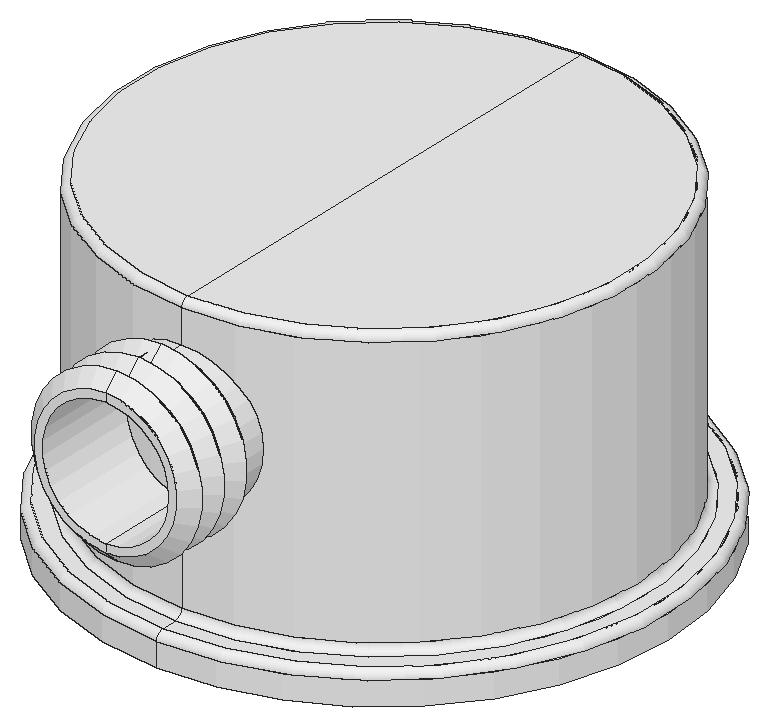
Revit family "Wall_Supply-American_Standard-Round-8888.068", category Plumbing Fixtures, host Face, Revit 2014
Parameters (values of type "8888.068")
  Width = 1 1/4"
  Water Connection Radius = 1/4"
  Water Connection Diameter = 1/2"
  Waste Connection = no
  Warranty Information = "One Year Limited Warranty"  # constant formula
  WFU = 4
  Vent Connection = no
  URL = "https://www.americanstandard-us.com/"
  Type Comments = ""
  Product Page URL = "https://www.americanstandard-us.com/bathroom/shower-faucets/elliptic-rotation-complete-hand-shower-kit-23144"
  Product Documentation Link = "https://www.americanstandard-us.com/-/media/sites/asus/files/product-specs/shower-accessories/wall-supplies-wall-brackets-8888037-8888068-8888069-8888036-8888038/specsheet-8888068-8888069.pdf?la=en"
  Price = "Prices may vary. Please consult Manufacturer Representative for most up-to-date price list."  # constant formula
  Model = "8888.068"  # constant formula
  Material = "Brass-American Standard-002-Polished Chrome"
  Manufacturer = "American Standard"  # constant formula
  Length = 2 1/4"
  Installation Type = "Wall Mounted"  # constant formula
  HWFU = 3
  HW Connection = yes
  Finish = Brass-American Standard-002-Polished Chrome
  Description = "Round Wall Supply"  # constant formula
  Default Elevation = 60"  # constant formula
  Creation Date = "01/31/2018"  # constant formula
  CWFU = 3
  CW Connection = yes
  Assembly Code = "D2010700"
Reference planes (in)
  plane 1 "Center (Front/Back)": y = 0
  plane 2: z = 0
  plane 3 "Center (Left/Right)": x = 0
  plane 4: z = 0.80032
  plane 5: y = 1
  plane 6: y = -1
  plane 7: y = 1.125
  plane 8: y = -1.125
  plane 9: y = -1.375
  plane 10: y = -0.25
  plane 11: y = 0.25
  plane 12: z = 1.25
  plane 13: z = 1.05032
  plane 14: z = 0.55032
  plane 15: x = -1
  plane 16: x = 1
  plane 17: x = -1.125
  plane 18: x = 1.125
Forms (in)
  Revolve 1, solid, material "Brass-American Standard-002-Polished Chrome" <- "Finish"
    sketch origin (0, 0, 0) x (0, 1, 0) y (0, 0, 1)
      loop
        line (0, 0) -> (0, 1.25) -> (-0.96875, 1.25)
        arc (-0.96875, 1.25) -> (-0.99085, 1.24085) -> (-1, 1.21875) r 0.03125
        line (-1, 1.21875) -> (-1, 0.15625)
        arc (-1, 0.15625) -> (-1.00915, 0.13415) -> (-1.03125, 0.125) r 0.03125
        line (-1.03125, 0.125) -> (-1.09375, 0.125)
        arc (-1.09375, 0.125) -> (-1.11585, 0.11585) -> (-1.125, 0.09375) r 0.03125
        line (-1.125, 0.09375) -> (-1.125, 0) -> (0, 0)
      axis (0, 1.25) -> (0, 0)
    angle from 0 to 360
  Revolve 2, solid, material "Brass-American Standard-002-Polished Chrome" <- "Finish"
    sketch origin (0, 0, 0) x (0, 1, 0) y (0, 0, 1)
      loop
        line (-0.25, 0) -> (-0.28405, 0) -> (-0.3279, -0.04385) -> (-0.28405, -0.0877) -> (-0.3279, -0.13155) -> (-0.28405, -0.1754) -> (-0.3279, -0.21925) -> (-0.29715, -0.25) -> (-0.25, -0.25) -> (-0.25, 0)
      axis (0, 0) -> (0, -0.25)
    angle from 0 to 360
  Revolve 3, solid, material "Brass-American Standard-002-Polished Chrome" <- "Finish"
    sketch origin (0, 0.28074, -0.44968) x (0, 1, 0) y (0, 0, 1)
      loop
        line (-0.25, 1.53836) -> (-1.33344, 1.53836) -> (-1.38172, 1.58664) -> (-1.43653, 1.53183) -> (-1.49133, 1.58664) -> (-1.54613, 1.53183) -> (-1.60094, 1.58664) -> (-1.65574, 1.53183) -> (-1.65574, 1.5) -> (-0.25, 1.5) -> (-0.25, 1.53836)
      axis (-1.65574, 1.25) -> (-0.25, 1.25)
    angle from 0 to 360
Cuts and joins
  joined: Revolve 1, Revolve 2, Revolve 3
Lines and regions (in)
  Masking region 1
    outline origin (0, 0, 0) x (1, 0, 0) y (0, 0, 1)
      loop
        line (-1.125, 0) -> (1.125, 0) -> (1.125, 0.09354)
        arc (1.125, 0.09354) -> (1.11585, 0.11564) -> (1.09375, 0.12479) r 0.03125
        line (1.09375, 0.12479) -> (1.03125, 0.12479)
        arc (1.03125, 0.12479) -> (1.00915, 0.13395) -> (1, 0.15604) r 0.03125
        line (1, 0.15604) -> (1, 1.21875)
        arc (1, 1.21875) -> (0.99085, 1.24085) -> (0.96875, 1.25) r 0.03125
        line (0.96875, 1.25) -> (-0.96875, 1.25)
        arc (-0.96875, 1.25) -> (-0.99085, 1.24085) -> (-1, 1.21875) r 0.03125
        line (-1, 1.21875) -> (-1, 0.15604)
        arc (-1, 0.15604) -> (-1.00915, 0.13395) -> (-1.03125, 0.12479) r 0.03125
        line (-1.03125, 0.12479) -> (-1.09375, 0.12479)
        arc (-1.09375, 0.12479) -> (-1.11585, 0.11564) -> (-1.125, 0.09354) r 0.03125
        line (-1.125, 0.09354) -> (-1.125, 0)
Dimensions and locks (in)
  plane 11 to plane 10 = 1/2"
  "Width": plane 2 to plane 12
  "Length": plane 7 to plane 8
  plane 14 to plane 13 = 1/2"
  aligned and locked: plane 2 to host face
  aligned and locked: level to host face
Automatic sketch dimensions
  host sketch curve to host sketch curve = 96"  (x2)
  Revolve 1 sketch curve to plane 8 = 0"
  Revolve 1 sketch curve to plane 6 = 0"
  plane 12 to Revolve 1 sketch curve = 0"
  Revolve 1 sketch curve to plane 1 "Center (Front/Back)" = 0"  (x2)
  Revolve 1 sketch curve to level = 0"
  Revolve 1 sketch curve to plane 8 = 1/32"
  Revolve 1 sketch curve to Revolve 1 sketch curve = 1/32"
  Revolve 1 sketch curve to plane 6 = 1/32"
  Revolve 1 sketch curve to Revolve 1 sketch curve = 3/32"
  Revolve 1 sketch curve to plane 12 = 0.91898"
  Revolve 1 sketch curve to Revolve 1 sketch curve = 0.33102"
  Revolve 2 sketch curve to level = 0"  (x2)
  Revolve 2 sketch curve to plane 10 = 0"
  Revolve 2 sketch curve to plane 1 "Center (Front/Back)" = 0"
  plane 10 to Revolve 2 sketch curve = 0.03405"  (x3)
  plane 10 to Revolve 2 sketch curve = 0.04715"
  Revolve 2 sketch curve to Revolve 2 sketch curve = 0.04385"  (x2)
  Revolve 2 sketch curve to level = 0.04385"
  Revolve 2 sketch curve to Revolve 2 sketch curve = 0.03075"
  Revolve 2 sketch curve to Revolve 2 sketch curve = 0.13472"
  Masking region 1 sketch curve to level = 0"  (x2)
  Masking region 1 sketch curve to plane 17 = 0"
  Masking region 1 sketch curve to plane 15 = 0"
  Masking region 1 sketch curve to plane 12 = 0"
  Masking region 1 sketch curve to plane 16 = 0"
  Masking region 1 sketch curve to plane 18 = 0"
  plane 17 to Masking region 1 sketch curve = 1/32"
  Masking region 1 sketch curve to plane 15 = 1/32"
  Masking region 1 sketch curve to Masking region 1 sketch curve = 1/32"
  Masking region 1 sketch curve to plane 16 = 1/32"
  plane 16 to Masking region 1 sketch curve = 1/32"
  Masking region 1 sketch curve to plane 18 = 1/32"
  Masking region 1 sketch curve to Masking region 1 sketch curve = 0.09354"
  level to Masking region 1 sketch curve = 0.09354"
  Revolve 3 sketch curve to plane 9 = 0"
  plane 13 to Revolve 3 sketch curve = 0"
  plane 4 to Revolve 3 sketch curve = 0"
  Revolve 3 sketch curve to plane 9 = 0.0548"
  Revolve 3 sketch curve to plane 13 = 0.03183"  (x2)
  Revolve 3 sketch curve to Revolve 3 sketch curve = 0.0548"  (x2)
  plane 8 to Revolve 3 sketch curve = 0.03079"
  Revolve 3 sketch curve to plane 8 = 0.02401"
  plane 6 to Revolve 3 sketch curve = 0.0527"
  Revolve 3 sketch curve to plane 1 "Center (Front/Back)" = 0.03074"
  plane 5 to Revolve 3 sketch curve = 0.18839"
  Revolve 3 sketch curve to plane 7 = 0.25695"
Connectors (in)
  piping at (0, 0, -0.25), diameter 0.5, driven by "Water Connection Diameter"
    settings: on cut or joined group of Revolve 1, Revolve 2, Revolve 3, index 2, connector inside diameter 24", connector length 0", flow factor 0, pipe flow 0 GPM, pressure drop 0.00 psi, fitting loss kfactor 0, connector angle 0.00°, fixture units 0, engagement length 0", angle of deflection 0.00°, flow configuration 0, flow direction 1, fitting loss method 0, system type 29, joint type 0, gender type 0, connector reference index -1, connector utility 0, adjustable connector no, is connector primary yes, connector description "1/2\" NPT Female Thread Connection"
  piping at (0, -1.375, 0.80032), diameter 0.5, driven by "Water Connection Diameter"
    settings: on cut or joined group of Revolve 1, Revolve 2, Revolve 3, index 3, connector inside diameter 24", connector length 0", flow factor 0, pipe flow 0 GPM, pressure drop 0.00 psi, fitting loss kfactor 0, connector angle 0.00°, fixture units 0, engagement length 0", angle of deflection 0.00°, flow configuration 0, flow direction 2, fitting loss method 0, system type 29, joint type 0, gender type 0, connector reference index -1, connector utility 0, adjustable connector no, is connector primary no, connector description "1/2\" NPSM Male Hose Thread"
